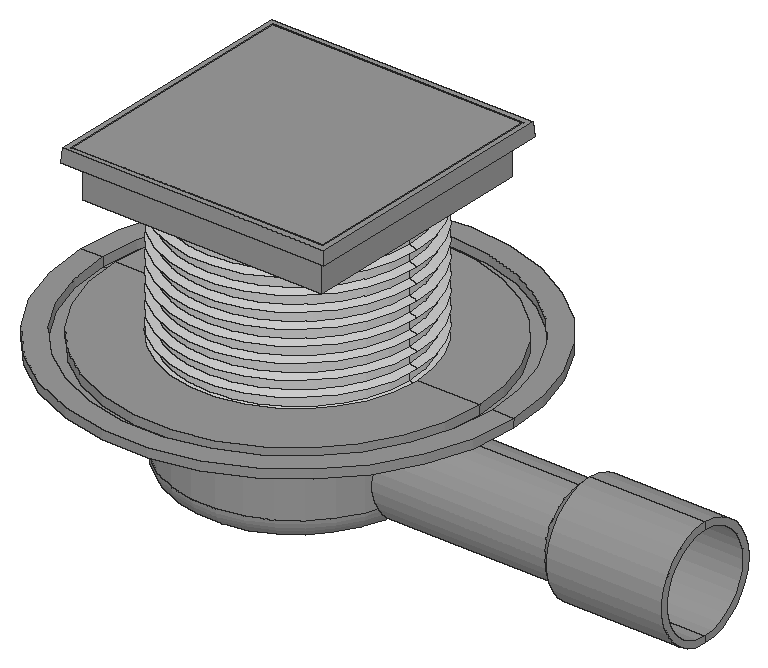
Revit family "HL_Трап для внутренних помещений_HL90Prblue-3000", category Instalační zařizovací předměty, Revit 2020
Family settings
  Kóta kulaté spojky = Použít průměr
  Typ dílu = Normální
  Číslo OmniClass = 23.70.50.21.24.14
  Nadpis OmniClass = Deck Waste Water Drains
  Založené na pracovní rovině = Ne
  Vždy vertikální = Ano
  Ořezat dutým tvarem při načtení = Ne
  Sdílené = Ano
  Bod výpočtu místnosti = Ano
Parameters (values of type "HL90Prblue-3000")
  РЕШЁТКА = "Edelstahl 115x115mm"
  РАЗМЕР = "DN40/50"
  ПРОПУСКНАЯ СПОСОБНОСТЬ = 0.43 L/s
  ПРОИЗВОДИТЕЛЬНОСТЬ = "0,43 l/s"
  ПРАВОВАЯ ИНФОРМАЦИЯ = "Авторские права(©), права на дизайн или какие либо другие права интелектуальной собственности являются исключительной собственностью компании HL Hutterer & Lechner. Изменению не подлежит. Файл семейства с данными о прозводителе изделия защищен паролем с водяным знаком."  # constant formula
  НОРМЫ = "EN 1253"
  НОМИНАЛЬНЫЙ ДИАМЕТР = 50 mm
  НАСАДКА = "10-80mm/121x121mm"
  МАТЕРИАЛ = "PP, Edelstahl"
  МАКСИМАЛЬНАЯ НАГРУЗКА КЛАССА = "K3 - 300 kg"
  ВЫСОТА МОНТАЖА = "67mm"
  ВЕС = "0,685 [kg]"
  Výchozí výška = 0 mm
  Přípoj ventilace = no
  Výrobce = "HL Hutterer & Lechner GmbH"  # constant formula
  URL = "https://www.hutterer-lechner.com/ru/Products/catalog/Floor-drains/horizontal/flange/HL90Prblue-3000.aspx"
  Přípoj odpadních dílů = yes
  Přípoj HW = no
  Popis = "Трапы для внутренних помещений"
  Model = "HL90Prblue-3000"
  Komentáře k typům = "Трап для внутренних помещений горизонтальный выпуск DN40/50 с \"СУХИМ\" сифоном Primus blue 121х121мм, с фиксацией решётки в подрамнике (Klick-Klack), с решёткой 115х115мм"
  Keynote = "HL90Prblue-3000"
  Высота монтажа [instance] = 139 mm
  EAN = "9003076050512"
  DN_test [instance] = if(or(НОМИНАЛЬНЫЙ ДИАМЕТР = 50 mm, НОМИНАЛЬНЫЙ ДИАМЕТР = 40 mm), 30 mm, 0 mm)  # 30 mm
  Přípoj CW = no
  C [instance] = if(НОМИНАЛЬНЫЙ ДИАМЕТР = 50 mm, 188 mm, 130 mm)  # 188 mm
  B [instance] = Высота монтажа - 20 mm  # 119 mm
  A [instance] = if(B - 100 mm > 15 mm, B - 100 mm, 15 mm)  # 19 mm
Reference planes
  plane 1 "Center (Front/Back)": y = 0
  plane 2: z = 0
  plane 3 "Center (Left/Right)": x = 0
  plane 4 "Ball Joint Vertical": x = 25.45
  plane 5: z = -139
  plane 6: z = -119
Lines and regions (mm)
  model lines, style "InvisibleLines"
    curve 1: line (0, 0, 0) -> (0, 0, 1000)
  reference lines
    curve 2: line (0, 0, -119) -> (188, 0, -119)
  model lines, detail levels coarse+medium
    curve 3: line (0, 0, -119) -> (0, 0, -100)
    curve 4: line (0, 0, -100) -> (100, 0, 0)
    curve 5: line (0, 0, -100) -> (-100, 0, 0)
    curve 23: line (0, 0, -119) -> (188, 0, -119)
  symbolic lines, detail levels coarse+medium
    curve 6: line (-75, 75, 0) -> (75, 75, 0)
    curve 7: line (-75, -75, 0) -> (-75, 75, 0)
    curve 8: line (75, -75, 0) -> (-75, -75, 0)
    curve 9: line (75, 75, 0) -> (75, -75, 0)
    curve 10: line (75, 75, 0) -> (145.711, 145.711, 0)
    curve 11: line (75, -75, 0) -> (145.711, -145.711, 0)
    curve 12: line (-75, 75, 0) -> (-145.711, 145.711, 0)
    curve 13: line (-75, -75, 0) -> (-145.711, -145.711, 0)
  symbolic lines, not visible, detail levels coarse+medium
    curve 14: line (-75, 75, 0) -> (75, 75, 0)
    curve 15: line (-75, -75, 0) -> (-75, 75, 0)
    curve 16: line (75, -75, 0) -> (-75, -75, 0)
    curve 17: line (75, 75, 0) -> (75, -75, 0)
    curve 18: line (75, 75, 0) -> (145.711, 145.711, 0)
    curve 19: line (75, -75, 0) -> (145.711, -145.711, 0)
    curve 20: line (-75, 75, 0) -> (-145.711, 145.711, 0)
    curve 21: line (-75, -75, 0) -> (-145.711, -145.711, 0)
  symbolic lines, style "InvisibleLines", not visible
    curve 22: line (0, 0, 0) -> (0, 0, -30)
Text (mm)
  text "ПОЛ" at (-198.233, 0, -26.556), in view "Drain Construction View"
Dimensions and locks
  locked: plane 4 "Ball Joint Vertical" to plane 3 "Center (Left/Right)" at 25.45
  "Высота монтажа": plane 2 to plane 5
  "A": curve 5 to plane 6
  "B": curve 5 to plane 6
  "B": curve 4 to plane 6
  "B": plane 2 to plane 6
  "DN_test": curve 22 to curve 22
  "C": curve 23 to plane 3 "Center (Left/Right)"
  "C": curve 2 to plane 3 "Center (Left/Right)"
  locked: nested 4 to plane 5 at 50
  locked: curve 4 to plane 3 "Center (Left/Right)" (angle 45.00°)
  locked: plane 3 "Center (Left/Right)" to curve 5 (angle 45.00°)
  aligned and locked: level to plane 2
  aligned and locked: plane 2 to curve 1
  aligned and locked: plane 3 "Center (Left/Right)" to curve 1
  aligned and locked: plane 3 "Center (Left/Right)" to curve 2
  aligned and locked: plane 3 "Center (Left/Right)" to curve 3
  aligned and locked: plane 3 "Center (Left/Right)" to curve 5
  aligned and locked: curve 23 to curve 2
Automatic sketch dimensions
  level to curve 1 = 1000 mm
  curve 2 to plane 6 = 0 mm
Nested families
  nested 1: "HL_Решётка_HL037Pr.1E" at (0, 0, 0), type "HL037Pr.1E_Main Component"
  nested 2: "HL_Насадка_HL3200" at (0, 0, 0), type "HL3200_Main Component"
    with Высота монтажа 80 mm, RN 13, RL 84.5 mm, R yes, NL_Test yes, NL 100 mm
  nested 3: "HL_Вкладыш сифона_HL090.5EKK" at (0, 0, -5.797), type "HL090.5EKK_Main Component"
  nested 4: "HL-Корпус для трапа внутренних помещений-HL90K" at (0, 0, -82) x (-1, 0, 0) z (0, 0, 1), DN <- "НОМИНАЛЬНЫЙ ДИАМЕТР", type "HL90K_Main Component"
    with V 0 mm, DN 50 mm
Connectors
  piping at (188, 0, -119), diameter 50, driven by "ПРОПУСКНАЯ СПОСОБНОСТЬ", driven by "НОМИНАЛЬНЫЙ ДИАМЕТР"
    settings: on curve 2, index 1, connector inside diameter 609.6 mm, connector length 0 mm, flow factor 0, pipe flow 0.43 L/s, pressure drop 0.0 Pa, fitting loss kfactor 0, connector angle 0.00°, fixture units 0, engagement length 0 mm, angle of deflection 0.00°, flow configuration 1, flow direction 2, fitting loss method 0, system type 16, joint type 0, gender type 0, connector reference index -1, connector utility 0, adjustable connector yes, is connector primary yes, connector description ""
Definition of nested family "HL_Решётка_HL037Pr.1E"
  Parameters (values of type "HL037Pr.1E")
    РАЗМЕР = "115x115mm"
    ПРАВОВАЯ ИНФОРМАЦИЯ = "Авторские права(©), права на дизайн или какие либо другие права интелектуальной собственности являются исключительной собственностью компании HL Hutterer & Lechner. Изменению не подлежит. Файл семейства с данными о прозводителе изделия защищен паролем с водяным знаком."  # constant formula
    МАТЕРИАЛ = "V2A"
    МАКСИМАЛЬНАЯ НАГРУЗКА КЛАССА = "K3 - 300 kg"
    ВЕС = "0,15 [kg]"
    Waste Connection = yes
    Default Elevation = 0 mm
    Vent Connection = no
    Manufacturer = "HL Hutterer & Lechner GmbH"  # constant formula
    URL = "http://www.hutterer-lechner.com/ru/products/catalog/floor-drains/attachments/HL037pr.1e.aspx"
    HW Connection = no
    Description = "Трапы для внутренних помещений - Комплектующие"
    Model = "HL037Pr.1E"
    Type Comments = "HL037Pr.1E Решётка из нержавеющей стали 115х115 мм"
    Keynote = "HL037Pr.1E"
    EAN = "9003076028474"
    CW Connection = no
  Reference planes
    plane 1 "Center (Front/Back)": y = 0
    plane 2: z = 0
    plane 3 "Center (Left/Right)": x = 0
    plane 4 "Ball Joint Vertical": x = 25.45
  Forms (mm)
    Extrusion 1, solid, detail levels fine
      sketch origin (0, 0, 0) x (1, 0, 0) y (0, 1, 0)
        loop
          line (57.5, 57.5) -> (-57.5, 57.5) -> (-57.5, -57.5) -> (57.5, -57.5) -> (57.5, 57.5)
      from 0 to -5
  Lines and regions (mm)
    model lines, detail levels fine
      curve 1: spline (-13.927, 0, 0) -> (-13.452, 1.165, 0) -> (-12.061, 2.25, 0) -> (-9.848, 3.182, 0) -> (-6.964, 3.897, 0) -> (-3.605, 4.347, 0) -> (0, 4.5, 0) -> (3.605, 4.347, 0) -> (6.964, 3.897, 0) -> (9.848, 3.182, 0) -> (12.061, 2.25, 0) -> (13.452, 1.165, 0) -> (13.927, 0, 0) -> (13.452, -1.165, 0) -> (12.061, -2.25, 0) -> (9.848, -3.182, 0) -> (6.964, -3.897, 0) -> (3.605, -4.347, 0) -> (0, -4.5, 0) -> (-3.605, -4.347, 0) -> (-6.964, -3.897, 0) -> (-9.848, -3.182, 0) -> (-12.061, -2.25, 0) -> (-13.452, -1.165, 0) -> (-13.927, 0, 0)
      curve 2: line (-5.9, 0.4, 0) -> (-11.9, 0.4, 0)
      curve 3: line (-3.65, -2, 0) -> (-3.65, 2, 0)
      curve 4: arc (-3.65, 2, 0) -> (-3.15, 2.5, 0) -> (-2.65, 2, 0) r 0.5
      curve 5: line (-2.65, 2, 0) -> (-2.65, 0.5, 0)
      curve 6: line (-2.65, 0.5, 0) -> (-0.65, 0.5, 0)
      curve 7: line (-0.65, 0.5, 0) -> (-0.65, 2, 0)
      curve 8: arc (-0.65, 2, 0) -> (-0.15, 2.5, 0) -> (0.35, 2, 0) r 0.5
      curve 9: line (0.35, 2, 0) -> (0.35, -2, 0)
      curve 10: arc (0.35, -2, 0) -> (-0.15, -2.5, 0) -> (-0.65, -2, 0) r 0.5
      curve 11: line (-0.65, -2, 0) -> (-0.65, -0.5, 0)
      curve 12: line (-0.65, -0.5, 0) -> (-2.65, -0.5, 0)
      curve 13: line (-2.65, -0.5, 0) -> (-2.65, -2, 0)
      curve 14: arc (-2.65, -2, 0) -> (-3.15, -2.5, 0) -> (-3.65, -2, 0) r 0.5
      curve 15: line (1.85, -2, 0) -> (1.85, 2, 0)
      curve 16: arc (1.85, 2, 0) -> (1.996, 2.354, 0) -> (2.35, 2.5, 0) r 0.5
      curve 17: arc (2.35, 2.5, 0) -> (2.704, 2.354, 0) -> (2.85, 2, 0) r 0.5
      curve 18: line (2.85, 2, 0) -> (2.85, -1, 0)
      curve 19: arc (2.85, -1, 0) -> (2.996, -1.354, 0) -> (3.35, -1.5, 0) r 0.5
      curve 20: line (3.35, -1.5, 0) -> (4.35, -1.5, 0)
      curve 21: arc (4.35, -1.5, 0) -> (4.85, -2, 0) -> (4.35, -2.5, 0) r 0.5
      curve 22: line (4.35, -2.5, 0) -> (2.35, -2.5, 0)
      curve 23: arc (2.35, -2.5, 0) -> (1.996, -2.354, 0) -> (1.85, -2, 0) r 0.5
      curve 24: line (12.1, 0.4, 0) -> (6.1, 0.4, 0)
      curve 25: line (-5.9, -0.4, 0) -> (-11.9, -0.4, 0)
      curve 26: line (12.1, -0.4, 0) -> (6.1, -0.4, 0)
      curve 27: line (-5.9, 0.4, 0) -> (-5.9, -0.4, 0)
      curve 28: line (-11.9, 0.4, 0) -> (-11.9, -0.4, 0)
      curve 29: line (6.1, 0.4, 0) -> (6.1, -0.4, 0)
      curve 30: line (12.1, 0.4, 0) -> (12.1, -0.4, 0)
      curve 31: arc (38.029, -24.059, 0) -> (45, 0, 0) -> (38.029, 24.059, 0) r 45
      curve 32: arc (38.029, 24.059, 0) -> (35.09, 25.896, 0) -> (31.82, 24.749, 0) r 4
      curve 33: arc (31.82, 24.749, 0) -> (30.673, 22.362, 0) -> (31.268, 19.782, 0) r 4
      curve 34: arc (31.268, 19.782, 0) -> (37, 0, 0) -> (31.268, -19.782, 0) r 37
      curve 35: arc (31.268, -19.782, 0) -> (30.673, -22.362, 0) -> (31.82, -24.749, 0) r 4
      curve 36: arc (31.82, -24.749, 0) -> (35.09, -25.896, 0) -> (38.029, -24.059, 0) r 4
      curve 37: arc (24.059, 38.029, 0) -> (0, 45, 0) -> (-24.059, 38.029, 0) r 45
      curve 38: arc (-24.059, 38.029, 0) -> (-25.896, 35.09, 0) -> (-24.749, 31.82, 0) r 4
      curve 39: arc (-24.749, 31.82, 0) -> (-22.362, 30.673, 0) -> (-19.782, 31.268, 0) r 4
      curve 40: arc (-19.782, 31.268, 0) -> (0, 37, 0) -> (19.782, 31.268, 0) r 37
      curve 41: arc (19.782, 31.268, 0) -> (22.362, 30.673, 0) -> (24.749, 31.82, 0) r 4
      curve 42: arc (24.749, 31.82, 0) -> (25.896, 35.09, 0) -> (24.059, 38.029, 0) r 4
      curve 43: arc (24.059, -38.029, 0) -> (0, -45, 0) -> (-24.059, -38.029, 0) r 45
      curve 44: arc (-24.059, -38.029, 0) -> (-25.896, -35.09, 0) -> (-24.749, -31.82, 0) r 4
      curve 45: arc (-24.749, -31.82, 0) -> (-22.362, -30.673, 0) -> (-19.782, -31.268, 0) r 4
      curve 46: arc (-19.782, -31.268, 0) -> (0, -37, 0) -> (19.782, -31.268, 0) r 37
      curve 47: arc (19.782, -31.268, 0) -> (22.362, -30.673, 0) -> (24.749, -31.82, 0) r 4
      curve 48: arc (24.749, -31.82, 0) -> (25.896, -35.09, 0) -> (24.059, -38.029, 0) r 4
      curve 49: arc (-38.029, -24.059, 0) -> (-45, 0, 0) -> (-38.029, 24.059, 0) r 45
      curve 50: arc (-38.029, 24.059, 0) -> (-35.09, 25.896, 0) -> (-31.82, 24.749, 0) r 4
      curve 51: arc (-31.82, 24.749, 0) -> (-30.673, 22.362, 0) -> (-31.268, 19.782, 0) r 4
      curve 52: arc (-31.268, 19.782, 0) -> (-37, 0, 0) -> (-31.268, -19.782, 0) r 37
      curve 53: arc (-31.268, -19.782, 0) -> (-30.673, -22.362, 0) -> (-31.82, -24.749, 0) r 4
      curve 54: arc (-31.82, -24.749, 0) -> (-35.09, -25.896, 0) -> (-38.029, -24.059, 0) r 4
    model lines
      curve 55: line (0, 0, 0) -> (0, 0, 100)
  Text (mm)
    text "ROOF/FLOOR" at (-198.233, 0, -26.556), in view "Drain Construction View"
  Dimensions and locks
    locked: plane 4 "Ball Joint Vertical" to plane 3 "Center (Left/Right)" at 25.45
    aligned and locked: level to plane 2
Definition of nested family "HL_Насадка_HL3200"
  Parameters (values of type "HL3200")
    РАЗМЕР = "d 110 mm"
    ПРАВОВАЯ ИНФОРМАЦИЯ = "Авторские права(©), права на дизайн или какие либо другие права интелектуальной собственности являются исключительной собственностью компании HL Hutterer & Lechner. Изменению не подлежит. Файл семейства с данными о прозводителе изделия защищен паролем с водяным знаком."  # constant formula
    НАСАДКА = "121 x 121 mm"
    МАТЕРИАЛ = "PP-V2A"
    Высота монтажа [instance] = 80 mm
    ВЫСОТА МОНТАЖА = "10 - 80 mm"
    ВЕС = "0,13 [kg]"
    Waste Connection = yes
    Default Elevation = 0 mm
    Vent Connection = no
    RD = 6.5 mm  # constant formula
    R [instance] = ((Высота монтажа - NL_Min) / RD - 1) > 2  # yes
    RL [instance] = if(Высота монтажа < 26 mm, 1 mm, RD * RN)  # 84.5 mm
    NL_Test [instance] = and(or(Высота монтажа < NL_Max, Высота монтажа = NL_Max), or(Высота монтажа > NL_Min, Высота монтажа = NL_Min))  # yes
    NL_Min = 10 mm
    NL_Max = 80 mm
    NL [instance] = if(NL_Test, Высота монтажа + 20 mm, 0 mm)  # 100 mm
    RN [instance] = if((Высота монтажа + 20 mm - NL_Min) / RD - 1 < 2, 2, (Высота монтажа + 20 mm - NL_Min) / RD - 1)  # 13
    Manufacturer = "HL Hutterer & Lechner GmbH"  # constant formula
    URL = "http://www.hutterer-lechner.com/ru/Products/catalog/floor-drains/attachments/HL3200.aspx"
    HW Connection = no
    Description = "Трапы для внутренних помещений - Комплектующие"
    Model = "HL3200"
    Type Comments = "HL3200 Насадные подрамники d 110/подрамники из нержавеющей стали (V2A) 121х121мм с О-кольцом. Система \"KLICK-KLACK\""
    Keynote = "HL3200"
    EAN = "9003076015399"
    CW Connection = no
  Reference planes
    plane 1 "Center (Front/Back)": y = 0
    plane 2: z = 0
    plane 3 "Center (Left/Right)": x = 0
    plane 4 "Ball Joint Vertical": x = 25.45
    plane 5: z = -100
  Forms (mm)
    Sweep 1, solid, detail levels fine
      path origin (0, 0, 0) x (1, 0, 0) y (0, 1, 0)
        loop
          line (-60.806, 60.806) -> (-60.806, -60.806) -> (60.806, -60.806) -> (60.806, 60.806) -> (-60.806, 60.806)
      profile origin (0, 60.806, 0) x (0, 1, 0) y (0, 0, 1)
        loop
          line (-2.806, 0) -> (-2.806, -5.3) -> (-6.306, -5.3) -> (-6.306, -8.3) -> (-9.767, -8.3) -> (-9.767, -21.997) -> (-5.806, -21.997) -> (-5.806, -6) -> (0, -6) -> (-0.525, 0) -> (-2.806, 0)
    Extrusion 2, solid, detail levels fine
      sketch origin (0, 0, 0) x (1, 0, 0) y (0, 1, 0)
        loop
          circle (0, 0) r 50
        loop
          line (-51.039, 51.039) -> (-51.039, -51.039) -> (51.039, -51.039) -> (51.039, 51.039) -> (-51.039, 51.039)
      from -19 to -21.997
    Revolve 3, solid, detail levels fine
      sketch origin (0, 0, 0) x (1, 0, 0) y (0, 0, 1)
        loop
          line (50, -21.997) -> (50, -100) -> (51.861, -100) -> (51.861, -21.997) -> (50, -21.997)
        axis (0, -21.997) -> (0, -100)
      angle from 0 to 360
  Lines and regions (mm)
    symbolic lines
      curve 1: line (0, 0, -100) -> (0, 0, 0)
    model lines
      curve 2: line (0, 0, 0) -> (0, 0, 100)
  Text (mm)
    text "ROOF/FLOOR" at (-198.233, 0, -26.556), in view "Drain Construction View"
  Dimensions and locks
    locked: plane 4 "Ball Joint Vertical" to plane 3 "Center (Left/Right)" at 25.45
    "NL": plane 2 to plane 5
    equal spacing: group 1, group 3, group 4, group 5, group 6, group 7, group 8, group 9, group 10, group 11, group 12, group 13, group 2  (x3)
    "RL": nested 2 to nested 1
    locked: nested 1 to plane 5 at 1.516
    aligned and locked: level to plane 2
    aligned and locked: plane 3 "Center (Left/Right)" to nested 1
    aligned and locked: plane 1 "Center (Front/Back)" to nested 1
    aligned and locked: plane 2 to curve 1
    aligned and locked: plane 5 to curve 1
    aligned and locked: Sweep 1 to Revolve 3 sketch curve
    aligned and locked: plane 5 to Revolve 3 sketch curve
  Automatic sketch dimensions
    Sweep 1 sketch curve to plane 3 "Center (Left/Right)" = 60.806 mm
    plane 4 "Ball Joint Vertical" to Sweep 1 sketch curve = 35.356 mm
    plane 1 "Center (Front/Back)" to Sweep 1 sketch curve = 60.806 mm
    Sweep 1 sketch curve to plane 1 "Center (Front/Back)" = 60.806 mm
    Sweep 1 sketch curve to profile plane = 0 mm  (x2)
    profile plane to Sweep 1 sketch curve = 0.525 mm
    Sweep 1 sketch curve to Sweep 1 sketch curve = 2.281 mm
    Sweep 1 sketch curve to Sweep 1 sketch curve = 3 mm  (x2)
    Sweep 1 sketch curve to Sweep 1 sketch curve = 0.5 mm
    Sweep 1 sketch curve to Sweep 1 sketch curve = 3.461 mm
    Sweep 1 sketch curve to profile plane = 5.3 mm
    Sweep 1 sketch curve to Sweep 1 sketch curve = 0.7 mm
    Sweep 1 sketch curve to Sweep 1 sketch curve = 13.697 mm
    plane 1 "Center (Front/Back)" to Extrusion 2 sketch curve = 0 mm
    Extrusion 2 sketch curve to plane 3 "Center (Left/Right)" = 0 mm
    Extrusion 2 sketch curve to plane 3 "Center (Left/Right)" = 51.039 mm
    plane 4 "Ball Joint Vertical" to Extrusion 2 sketch curve = 25.589 mm
    plane 1 "Center (Front/Back)" to Extrusion 2 sketch curve = 51.039 mm
    Extrusion 2 sketch curve to plane 1 "Center (Front/Back)" = 51.039 mm
    Revolve 3 sketch curve to plane 3 "Center (Left/Right)" = 0 mm
    plane 4 "Ball Joint Vertical" to Revolve 3 sketch curve = 24.55 mm
    Revolve 3 sketch curve to Revolve 3 sketch curve = 1.861 mm
    Revolve 3 sketch curve to level = 13.456 mm
    level to Revolve 3 sketch curve = 16.544 mm
    curve 2 to plane 3 "Center (Left/Right)" = 0 mm
    level to curve 2 = 100 mm
    radius of Extrusion 2 sketch curve = 50 mm
  Nested families
    nested 1: "Ring" at (0, 0, -98.484), visible <- "R", type "Ring"
    nested 2: "Ring" at (0, 0, -13.984), visible <- "R", type "Ring"
    nested 3: "Ring" at (0, 0, -91.442), visible <- "R", type "Ring"
    nested 4: "Ring" at (0, 0, -84.401), visible <- "R", type "Ring"
    nested 5: "Ring" at (0, 0, -77.359), visible <- "R", type "Ring"
    nested 6: "Ring" at (0, 0, -70.317), visible <- "R", type "Ring"
    nested 7: "Ring" at (0, 0, -63.276), visible <- "R", type "Ring"
    nested 8: "Ring" at (0, 0, -56.234), visible <- "R", type "Ring"
    nested 9: "Ring" at (0, 0, -49.192), visible <- "R", type "Ring"
    nested 10: "Ring" at (0, 0, -42.151), visible <- "R", type "Ring"
    nested 11: "Ring" at (0, 0, -35.109), visible <- "R", type "Ring"
    nested 12: "Ring" at (0, 0, -28.067), visible <- "R", type "Ring"
    nested 13: "Ring" at (0, 0, -21.026), visible <- "R", type "Ring"
  Definition of nested family "Ring"
    Parameters (values of type "Ring")
      Manufacturer = ""
      Default Elevation = 0 mm
      URL = ""
      R = D / 2  # 51.5 mm
      Description = ""
      Model = ""
      Material = none
      Type Comments = ""
      D = 103 mm
      Cost = 0
    Reference planes
      plane 1 "Střed (vpředu/vzadu)": y = 0
      plane 2: z = 0
      plane 3 "Střed (vlevo/vpravo)": x = 0
    Forms (mm)
      Revolve 1, solid, material <- "Material", detail levels fine
        sketch origin (0, 0, 0) x (1, 0, 0) y (0, 0, 1)
          loop
            line (-51.5, 1.482) -> (-54.764, 0) -> (-51.5, -1.516) -> (-51.5, 1.482)
          axis (0, 1.482) -> (0, -1.516)
        angle from 0 to 360
    Dimensions and locks
      "R": Revolve 1 sketch curve to plane 3 "Střed (vlevo/vpravo)"
      aligned and locked: level to plane 2
      aligned and locked: Revolve 1 sketch curve to plane 3 "Střed (vlevo/vpravo)"
    Automatic sketch dimensions
      Revolve 1 sketch curve to level = 0 mm
      Revolve 1 sketch curve to Revolve 1 sketch curve = 3.264 mm
      Revolve 1 sketch curve to level = 1.516 mm
      level to Revolve 1 sketch curve = 1.482 mm
      Revolve 1 sketch curve to level = 381 mm
      Revolve 1 sketch curve to Revolve 1 sketch curve = 2212.833 mm
Definition of nested family "HL_Вкладыш сифона_HL090.5EKK"
  Parameters (values of type "HL090.5EKK_Main Component")
    ПРАВОВАЯ ИНФОРМАЦИЯ = "Авторские права(©), права на дизайн или какие либо другие права интелектуальной собственности являются исключительной собственностью компании HL Hutterer & Lechner. Изменению не подлежит. Файл семейства с данными о прозводителе изделия защищен паролем с водяным знаком."  # constant formula
    МАТЕРИАЛ = "PC/ABS"
    ВЕС = "0,11 [kg]"
    Waste Connection = yes
    Default Elevation = 0 mm
    Vent Connection = no
    Manufacturer = "HL Hutterer & Lechner GmbH"  # constant formula
    URL = "https://www.hutterer-lechner.com/ru/Products/catalog/Floor-drains/attachments/HL090.5EKK.aspx"
    HW Connection = no
    Description = "Трапы для внутренних помещений - Комплектующие"
    Model = "HL090.5EKK"
    Type Comments = "\"СУХОЙ\" сифон Primus blue для  системы Klick-Klack"
    Keynote = "HL090.5EKK"
    EAN = "9003076050581"
    CW Connection = no
  Reference planes
    plane 1 "Center (Front/Back)": y = 0
    plane 2: z = 0
    plane 3 "Center (Left/Right)": x = 0
    plane 4 "Ball Joint Vertical": x = 25.45
  Forms (mm)
    Revolve 1, solid, detail levels fine
      sketch origin (0, 0, 0) x (0, 1, 0) y (0, 0, 1)
        loop
          line (-44.7, 0) -> (-53, 0) -> (-53, -2) -> (-49.228, -2) -> (-49.228, -13.214) -> (-46.721, -13.214) -> (-46.721, -20.152) -> (0, -20.152) -> (0, -18.268) -> (-32.15, -18.268) -> (-44.7, -18.268) -> (-44.7, 0)
        axis (0, 0) -> (0, -20.152)
      angle from 0 to 360
    Extrusion 2, solid, detail levels fine
      sketch origin (0, 0, 0) x (1, 0, 0) y (0, 1, 0)
        loop
          line (34.626, 31.41) -> (-34.626, 31.41)
          arc (-34.626, 31.41) -> (-46.75, 0) -> (-34.626, -31.41) r 46.75
          line (-34.626, -31.41) -> (34.626, -31.41)
          arc (34.626, -31.41) -> (46.721, 0) -> (34.626, 31.41) r 46.834
      from -20.152 to -57
    Revolve 3, solid, detail levels fine
      sketch origin (0, 0, 0) x (0, 1, 0) y (0, 0, 1)
        loop
          arc (-49.228, -6.728) -> (-50.709, -8.655) -> (-49.228, -10.583) r 1.995
          line (-49.228, -10.583) -> (-49.228, -6.728)
        axis (0, -6.728) -> (0, -10.583)
      angle from 0 to 360
    Revolve 4, solid, detail levels fine
      sketch origin (0, 0, 0) x (0, 1, 0) y (0, 0, 1)
        loop
          line (0, -18.268) -> (0, 0) -> (-33.004, -1.346) -> (-33.004, -3.231) -> (-32.15, -3.231) -> (-32.15, -18.268) -> (0, -18.268)
        axis (0, 0) -> (0, -18.268)
      angle from 0 to 360
  Text (mm)
    text "ROOF/FLOOR" at (-198.233, 0, -26.556), in view "Drain Construction View"
  Dimensions and locks
    locked: plane 4 "Ball Joint Vertical" to plane 3 "Center (Left/Right)" at 25.45
    aligned and locked: level to plane 2
    aligned and locked: Extrusion 2 to Revolve 1
Definition of nested family "HL-Корпус для трапа внутренних помещений-HL90K"
  Parameters (values of type "HL90K_Main Component")
    РАЗМЕР = "DN40/50"
    ПРАВОВАЯ ИНФОРМАЦИЯ = "Авторские права(©), права на дизайн или какие либо другие права интелектуальной собственности являются исключительной собственностью компании HL Hutterer & Lechner. Изменению не подлежит. Файл семейства с данными о прозводителе изделия защищен паролем с водяным знаком."  # constant formula
    МАТЕРИАЛ = "PP"
    ВЫСОТА МОНТАЖА = "57 mm"
    ВЕС = "0,218 [kg]"
    Waste Connection = yes
    Default Elevation = 0 mm
    Vent Connection = no
    Manufacturer = "HL Hutterer & Lechner GmbH"  # constant formula
    V [instance] = if(DN = 40 mm, 58 mm, 0 mm)  # 0 mm
    URL = "http://www.hutterer-lechner.com/ru/Products/catalog/floor-drains/attachments/HL90K.aspx"
    Assembly Code = "Main Component"
    HW Connection = no
    Description = "Трапы для внутренних помещений - Комплектующие"
    Model = "HL90K"
    Type Comments = "Корпус трапа для балконов и террасс DN40/50 горизонтальный"
    Keynote = "HL90K"
    EAN = "9003076013395"
    DN [instance] = 50 mm
    CW Connection = no
  Reference planes
    plane 1 "Center (Front/Back)": y = 0
    plane 2: z = 0
    plane 3 "Center (Left/Right)": x = 0
    plane 4 "Ball Joint Vertical": x = 25.45
  Forms (mm)
    Revolve 1, solid, detail levels fine
      sketch origin (0, 0, 0) x (1, 0, 0) y (0, 0, 1)
        loop
          line (-188, -12) -> (-188, -15) -> (-136.243, -15) -> (-131.243, -20) -> (-41.649, -20) -> (-41.649, -17) -> (-130, -17) -> (-135, -12) -> (-188, -12)
        axis (-188, -37) -> (-41.649, -37)
      angle from 0 to 360
    Revolve 2, solid, detail levels fine
      sketch origin (0, 0, 0) x (1, 0, 0) y (0, 0, 1)
        loop
          line (100, -4) -> (100, 0) -> (90, 0) -> (90, -4) -> (84.001, -4) -> (84.001, 0) -> (55.35, 0) -> (55.35, -20) -> (51, -20) -> (51, -47)
          arc (51, -47) -> (48.95, -51.95) -> (44, -54) r 7
          line (44, -54) -> (0, -54) -> (0, -57) -> (44, -57)
          arc (44, -57) -> (51.071, -54.071) -> (54, -47) r 10
          line (54, -47) -> (54, -24.5) -> (58.5, -24.5) -> (58.5, -7) -> (93, -7) -> (93, -4) -> (100, -4)
        axis (0, 0) -> (0, -57)
      angle from 0 to 360
    Revolve 3, void
      sketch origin (0, 0, 0) x (1, 0, 0) y (0, 0, 1)
        loop
          line (26, -54) -> (44, -54)
          arc (44, -54) -> (48.95, -51.95) -> (51, -47) r 7
          line (51, -47) -> (51, -20) -> (55.35, -20) -> (55.35, -14.5) -> (41, -14.5) -> (41, -44) -> (26, -44) -> (26, -54)
        axis (0, -14.5) -> (0, -54)
      angle from 0 to 360
    Extrusion 4, void
      sketch origin (0, 0, 0) x (0, 1, 0) y (0, 0, 1)
        loop
          circle (0, -37) r 17
      from -36.616 to -121.62
    Extrusion 5, void
      sketch origin (-188, 0, -37) x (0, 0, -1) y (0, 1, 0)
        loop
          line (-37, 37.5) -> (-37, -37.5) -> (38, -37.5) -> (38, 37.5) -> (-37, 37.5)
      from -10 to 0 <- "V"
  Cuts and joins
    Revolve 3, Extrusion 4, Extrusion 5 cuts Revolve 1
    Revolve 3, Extrusion 4 cuts Revolve 2
  Lines and regions (mm)
    model lines, detail levels fine
      curve 1: line (18.25, 16.225, -54) -> (9.75, 16.225, -54)
      curve 2: line (15.625, 14.475, -54) -> (18.25, 14.475, -54)
      curve 3: line (9.75, 14.475, -54) -> (12.375, 14.475, -54)
      curve 4: line (12.375, 9.975, -54) -> (9.75, 9.975, -54)
      curve 5: line (18.25, 9.975, -54) -> (15.625, 9.975, -54)
      curve 6: line (9.75, 8.225, -54) -> (18.25, 8.225, -54)
      curve 7: line (14.875, 10.725, -54) -> (14.875, 13.725, -54)
      curve 8: line (13.125, 13.725, -54) -> (13.125, 10.725, -54)
      curve 9: line (18.25, 6.425, -54) -> (9.75, 6.425, -54)
      curve 10: line (11.5, 4.675, -54) -> (18.25, 4.675, -54)
      curve 11: line (10.75, 0.675, -54) -> (10.75, 3.925, -54)
      curve 12: line (9, 5.675, -54) -> (9, 0.675, -54)
      curve 13: line (18, -2.675, -54) -> (14.325, -2.675, -54)
      curve 14: line (19, -7.425, -54) -> (19, -3.675, -54)
      curve 15: line (10, -8.425, -54) -> (18, -8.425, -54)
      curve 16: line (10.75, -5.925, -54) -> (10.75, -3.425, -54)
      curve 17: line (9, -3.425, -54) -> (9, -7.425, -54)
      curve 18: line (12.575, -6.675, -54) -> (11.5, -6.675, -54)
      curve 19: line (13.325, -3.675, -54) -> (13.325, -5.925, -54)
      curve 20: line (11.5, -11.975, -54) -> (16.5, -11.975, -54)
      curve 21: line (10.75, -13.725, -54) -> (10.75, -12.725, -54)
      curve 22: line (16.5, -14.475, -54) -> (11.5, -14.475, -54)
      curve 23: line (17.25, -12.725, -54) -> (17.25, -13.725, -54)
      curve 24: line (19, -13.725, -54) -> (19, -12.725, -54)
      curve 25: line (16.5, -10.225, -54) -> (11.5, -10.225, -54)
      curve 26: line (9, -12.725, -54) -> (9, -13.725, -54)
      curve 27: line (11.5, -16.225, -54) -> (16.5, -16.225, -54)
      curve 28: arc (12.375, 14.475, -54) -> (12.905, 14.255, -54) -> (13.125, 13.725, -54) r 0.75
      curve 29: arc (14.875, 13.725, -54) -> (15.095, 14.255, -54) -> (15.625, 14.475, -54) r 0.75
      curve 30: arc (14.875, 10.725, -54) -> (15.095, 10.195, -54) -> (15.625, 9.975, -54) r 0.75
      curve 31: arc (13.125, 10.725, -54) -> (12.905, 10.195, -54) -> (12.375, 9.975, -54) r 0.75
      curve 32: arc (9.75, 6.425, -54) -> (9.22, 6.205, -54) -> (9, 5.675, -54) r 0.75
      curve 33: arc (11.5, 4.675, -54) -> (10.97, 4.455, -54) -> (10.75, 3.925, -54) r 0.75
      curve 34: arc (15.075, -5.175, -54) -> (15.295, -4.645, -54) -> (15.825, -4.425, -54) r 0.75
      curve 35: arc (16.5, -4.425, -54) -> (17.03, -4.645, -54) -> (17.25, -5.175, -54) r 0.75
      curve 36: arc (17.25, -5.925, -54) -> (17.03, -6.455, -54) -> (16.5, -6.675, -54) r 0.75
      curve 37: arc (15.825, -6.675, -54) -> (15.295, -6.455, -54) -> (15.075, -5.925, -54) r 0.75
      curve 38: arc (18, -8.425, -54) -> (18.707, -8.132, -54) -> (19, -7.425, -54) r 1
      curve 39: arc (19, -3.675, -54) -> (18.707, -2.968, -54) -> (18, -2.675, -54) r 1
      curve 40: arc (14.325, -2.675, -54) -> (13.618, -2.968, -54) -> (13.325, -3.675, -54) r 1
      curve 41: arc (12.575, -6.675, -54) -> (13.105, -6.455, -54) -> (13.325, -5.925, -54) r 0.75
      curve 42: arc (11.5, -6.675, -54) -> (10.97, -6.455, -54) -> (10.75, -5.925, -54) r 0.75
      curve 43: arc (9, -7.425, -54) -> (9.293, -8.132, -54) -> (10, -8.425, -54) r 1
      curve 44: arc (16.5, -10.225, -54) -> (18.268, -10.957, -54) -> (19, -12.725, -54) r 2.5
      curve 45: arc (11.5, -10.225, -54) -> (9.732, -10.957, -54) -> (9, -12.725, -54) r 2.5
      curve 46: arc (9, -13.725, -54) -> (9.732, -15.493, -54) -> (11.5, -16.225, -54) r 2.5
      curve 47: arc (11.5, -14.475, -54) -> (10.97, -14.255, -54) -> (10.75, -13.725, -54) r 0.75
      curve 48: arc (10.75, -12.725, -54) -> (10.97, -12.195, -54) -> (11.5, -11.975, -54) r 0.75
      curve 49: arc (16.5, -11.975, -54) -> (17.03, -12.195, -54) -> (17.25, -12.725, -54) r 0.75
      curve 50: arc (17.25, -13.725, -54) -> (17.03, -14.255, -54) -> (16.5, -14.475, -54) r 0.75
      curve 51: arc (16.5, -16.225, -54) -> (18.268, -15.493, -54) -> (19, -13.725, -54) r 2.5
      curve 52: line (19, 15.225, -54) -> (19, 15.475, -54)
      curve 53: arc (18.25, 16.225, -54) -> (18.78, 16.005, -54) -> (19, 15.475, -54) r 0.75
      curve 54: arc (19, 15.225, -54) -> (18.78, 14.695, -54) -> (18.25, 14.475, -54) r 0.75
      curve 55: line (9, 15.225, -54) -> (9, 15.475, -54)
      curve 56: arc (9.75, 16.225, -54) -> (9.22, 16.005, -54) -> (9, 15.475, -54) r 0.75
      curve 57: arc (9, 15.225, -54) -> (9.22, 14.695, -54) -> (9.75, 14.475, -54) r 0.75
      curve 58: line (19, 9.225, -54) -> (19, 8.975, -54)
      curve 59: arc (18.25, 8.225, -54) -> (18.78, 8.445, -54) -> (19, 8.975, -54) r 0.75
      curve 60: arc (19, 9.225, -54) -> (18.78, 9.755, -54) -> (18.25, 9.975, -54) r 0.75
      curve 61: line (9, 9.225, -54) -> (9, 8.975, -54)
      curve 62: arc (9.75, 8.225, -54) -> (9.22, 8.445, -54) -> (9, 8.975, -54) r 0.75
      curve 63: arc (9, 9.225, -54) -> (9.22, 9.755, -54) -> (9.75, 9.975, -54) r 0.75
      curve 64: line (19, 5.675, -54) -> (19, 5.425, -54)
      curve 65: arc (18.25, 4.675, -54) -> (18.78, 4.895, -54) -> (19, 5.425, -54) r 0.75
      curve 66: arc (19, 5.675, -54) -> (18.78, 6.205, -54) -> (18.25, 6.425, -54) r 0.75
      curve 67: line (9.75, -0.075, -54) -> (10, -0.075, -54)
      curve 68: arc (9, 0.675, -54) -> (9.22, 0.145, -54) -> (9.75, -0.075, -54) r 0.75
      curve 69: arc (10, -0.075, -54) -> (10.53, 0.145, -54) -> (10.75, 0.675, -54) r 0.75
      curve 70: line (15.825, -4.425, -54) -> (16.5, -4.425, -54)
      curve 71: line (17.25, -5.175, -54) -> (17.25, -5.925, -54)
      curve 72: line (16.5, -6.675, -54) -> (15.825, -6.675, -54)
      curve 73: line (15.075, -5.925, -54) -> (15.075, -5.175, -54)
      curve 74: line (10, -2.675, -54) -> (9.75, -2.675, -54)
      curve 75: arc (9, -3.425, -54) -> (9.22, -2.895, -54) -> (9.75, -2.675, -54) r 0.75
      curve 76: arc (10, -2.675, -54) -> (10.53, -2.895, -54) -> (10.75, -3.425, -54) r 0.75
  Text (mm)
    text "ROOF/FLOOR" at (-198.233, 0, -26.556), in view "Drain Construction View"
  Dimensions and locks
    locked: plane 4 "Ball Joint Vertical" to plane 3 "Center (Left/Right)" at 25.45
    aligned and locked: level to plane 2
